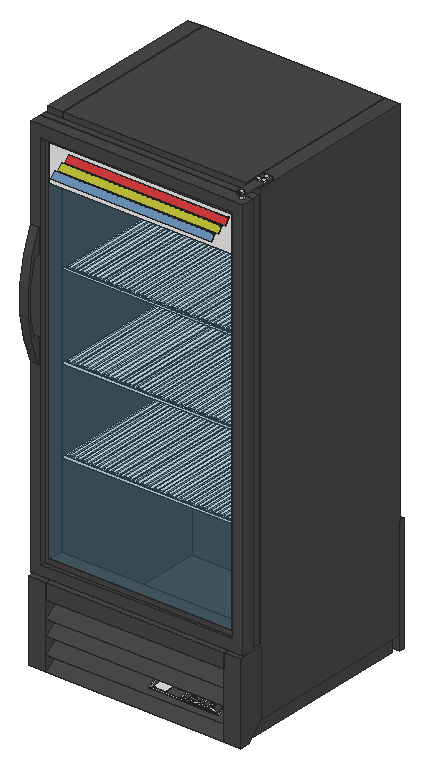
Revit family "QF_TRUE_GDM-10-58-HC~TSL01", category Specialty Equipment, Revit 2016
Family settings
  Part Type = Normal
  Round Connector Dimension = Use Diameter
  Work Plane-Based = No
  Always vertical = Yes
  Cut with Voids When Loaded = No
  Shared = No
  Room Calculation Point = No
Parameters
  Weight in Pounds = 210
  Watts = Volts * FL Amps  # 230 W
  Volts = 115 V
  URL Cutsheet = ""
  Specification by User = ""
  Specification by Manufacturer = ""
  Show Logo [instance] = yes
  Show Default Legs [instance] = not(Show 2.5 Inches Legs)  # yes
  Show Clearance [instance] = yes
  Show 2.5 Inches Legs [instance] = no
  Serial Number = ""
  Seismic Rating = ""
  SMACNA No = ""
  Revision Code = ""
  Phase = 1
  Number of Poles = 1
  NAFEM Spec ID Number = ""
  Model = "GDM-10-58-HC~TSL01"
  Min Ckt Ampacity = 0 A
  Max Overcurrent Protection = 0 A
  Materials and Finishes [instance] = QF_Plastic - Black - Smooth
  Masterspec = ""
  Manufacturer = "TRUE"
  Length = 24 13/16"
  Item Number = ""
  Installed By = ""
  Identify Quantity as Lot = yes
  Height [instance] = Body Height + Base Height  # 57 31/32"
  HP = "1/6"
  Furnished By = ""
  Foodservice Equipment Identifier = yes
  FL Amps = 2 A
  Electrical Remarks = ""
  Electric Connection Type = ""
  Elec Conn RI Height = 0"
  Elec Conn Connection Height = 0"
  Description = "SWING DOOR REFRIGERATOR WITH HYDROCARBON REFRIGERANT-TRUE STANDARD LOOK VERSION 01"
  Depth = 25 1/32"
  Cycle = 60 Hz
  Conn Plug = "NEMA 5-15P"
  Conn Conduit = yes
  CSI MasterFormat = ""
  Body Height [instance] = 57 25/32"  # constant formula
  Base Height [instance] = if(Show 2.5 Inches Legs, 2 1/2", 3/16")  # 3/16"
  Apparent Power = 0 VA
Reference planes (in)
  plane 1 "BACK": y = 0
  plane 2: z = 0
  plane 3 "LEFT": x = 0
  plane 4 "RIGHT": x = 24.8125
  plane 5 "FRONT": y = -25.03125
  plane 6 "TOP": z = 57.96875
  plane 7 "Center Y": x = 12.40625
  plane 8 "Center X": y = -12.51562
  plane 9: y = -0.53125
  plane 10: y = -23.40625
  plane 11: y = -25.09375
  plane 12: y = -46.625
  plane 13: z = 0.1875
Forms (in)
  Revolve 1, solid, material "QF_Plastic - Black - Smooth", visible <- "Show 2.5 Inches Legs"
    sketch origin (0, -1.625, 0) x (1, 0, 0) y (0, 0, 1)
      loop
        line (2, 0) -> (2, 2.5) -> (1.48188, 2.5) -> (1.48188, 0.1875) -> (1.22535, 0.1875) -> (1.22535, 0) -> (2, 0)
      axis (2, 0) -> (2, 2.5)
    angle from 0 to 360
  Revolve 2, solid, material "QF_Plastic - Black - Smooth", visible <- "Show 2.5 Inches Legs"
    sketch origin (20.8125, -1.625, 0) x (1, 0, 0) y (0, 0, 1)
      loop
        line (2, 0) -> (2, 2.5) -> (1.48188, 2.5) -> (1.48188, 0.1875) -> (1.22535, 0.1875) -> (1.22535, 0) -> (2, 0)
      axis (2, 0) -> (2, 2.5)
    angle from 0 to 360
  Revolve 3, solid, material "QF_Plastic - Black - Smooth", visible <- "Show 2.5 Inches Legs"
    sketch origin (0, -21.375, 0) x (1, 0, 0) y (0, 0, 1)
      loop
        line (2, 0) -> (2, 2.5) -> (1.48188, 2.5) -> (1.48188, 0.1875) -> (1.22535, 0.1875) -> (1.22535, 0) -> (2, 0)
      axis (2, 0) -> (2, 2.5)
    angle from 0 to 360
  Revolve 4, solid, material "QF_Plastic - Black - Smooth", visible <- "Show 2.5 Inches Legs"
    sketch origin (20.8125, -21.375, 0) x (1, 0, 0) y (0, 0, 1)
      loop
        line (2, 0) -> (2, 2.5) -> (1.48188, 2.5) -> (1.48188, 0.1875) -> (1.22535, 0.1875) -> (1.22535, 0) -> (2, 0)
      axis (2, 0) -> (2, 2.5)
    angle from 0 to 360
  Revolve 5, solid, material "QF_Plastic - Black - Smooth", visible <- "Show 2.5 Inches Legs", not visible
    sketch origin (0, -1.625, 0) x (1, 0, 0) y (0, 0, 1)
      loop
        line (2, 0) -> (2, 2.5) -> (1.48188, 2.5) -> (1.48188, 0.1875) -> (1.22535, 0.1875) -> (1.22535, 0) -> (2, 0)
      axis (2, 0) -> (2, 2.5)
    angle from 0 to 360
  Revolve 6, solid, material "QF_Plastic - Black - Smooth", visible <- "Show 2.5 Inches Legs", not visible
    sketch origin (20.8125, -1.625, 0) x (1, 0, 0) y (0, 0, 1)
      loop
        line (2, 0) -> (2, 2.5) -> (1.48188, 2.5) -> (1.48188, 0.1875) -> (1.22535, 0.1875) -> (1.22535, 0) -> (2, 0)
      axis (2, 0) -> (2, 2.5)
    angle from 0 to 360
  Revolve 7, solid, material "QF_Plastic - Black - Smooth", visible <- "Show 2.5 Inches Legs", not visible
    sketch origin (0, -21.375, 0) x (1, 0, 0) y (0, 0, 1)
      loop
        line (2, 0) -> (2, 2.5) -> (1.48188, 2.5) -> (1.48188, 0.1875) -> (1.22535, 0.1875) -> (1.22535, 0) -> (2, 0)
      axis (2, 0) -> (2, 2.5)
    angle from 0 to 360
  Revolve 8, solid, material "QF_Plastic - Black - Smooth", visible <- "Show 2.5 Inches Legs", not visible
    sketch origin (20.8125, -21.375, 0) x (1, 0, 0) y (0, 0, 1)
      loop
        line (2, 0) -> (2, 2.5) -> (1.48188, 2.5) -> (1.48188, 0.1875) -> (1.22535, 0.1875) -> (1.22535, 0) -> (2, 0)
      axis (2, 0) -> (2, 2.5)
    angle from 0 to 360
Dimensions and locks (in)
  equal spacing: plane 3 "LEFT", plane 7 "Center Y", plane 4 "RIGHT"
  "Length": plane 3 "LEFT" to plane 4 "RIGHT"
  equal spacing: plane 5 "FRONT", plane 8 "Center X", plane 1 "BACK"
  "Depth": plane 5 "FRONT" to plane 1 "BACK"
  "Body Height": plane 6 "TOP" to plane 13
  plane 4 "RIGHT" to plane 3 "LEFT" = 24 13/16"
  plane 9 to plane 1 "BACK" = 17/32"
  plane 10 to plane 9 = 22 7/8"
  plane 5 "FRONT" to plane 10 = 1 5/8"
  plane 5 "FRONT" to plane 1 "BACK" = 25 1/32"
  plane 12 to plane 1 "BACK" = 46 5/8"
  "Base Height": plane 13 to level
  aligned and locked: level to plane 2
  aligned and locked: nested 1 to plane 13
Automatic sketch dimensions
  Revolve 1 sketch curve to Revolve 1 sketch curve = 0.51812"
  Revolve 1 sketch curve to Revolve 1 sketch curve = 0"  (x2)
  Revolve 1 sketch curve to Revolve 1 sketch curve = 1.02446"
  Revolve 2 sketch curve to Revolve 2 sketch curve = 0.25653"
  Revolve 2 sketch curve to Revolve 2 sketch curve = 0.51812"
  Revolve 2 sketch curve to Revolve 2 sketch curve = 0"  (x2)
  Revolve 2 sketch curve to Revolve 2 sketch curve = 1.02446"
  Revolve 3 sketch curve to Revolve 3 sketch curve = 0.51812"
  Revolve 3 sketch curve to Revolve 3 sketch curve = 0"  (x2)
  Revolve 3 sketch curve to Revolve 3 sketch curve = 1.02446"
  Revolve 4 sketch curve to Revolve 4 sketch curve = 0.25653"
  Revolve 4 sketch curve to Revolve 4 sketch curve = 0.51812"
  Revolve 4 sketch curve to Revolve 4 sketch curve = 0"  (x2)
  Revolve 4 sketch curve to Revolve 4 sketch curve = 1.02446"
  Revolve 1 sketch curve to Revolve 1 sketch curve = 0.25653"
  Revolve 1 sketch curve to Revolve 1 sketch curve = 3/16"
  Revolve 1 sketch curve to Revolve 1 sketch curve = 2 5/16"
  Revolve 2 sketch curve to Revolve 2 sketch curve = 3/16"
  Revolve 2 sketch curve to Revolve 2 sketch curve = 2 5/16"
  Revolve 3 sketch curve to Revolve 3 sketch curve = 0.25653"
  Revolve 3 sketch curve to Revolve 3 sketch curve = 3/16"
  Revolve 3 sketch curve to Revolve 3 sketch curve = 2 5/16"
  Revolve 4 sketch curve to Revolve 4 sketch curve = 3/16"
  Revolve 4 sketch curve to Revolve 4 sketch curve = 2 5/16"
  Revolve 5 sketch curve to Revolve 5 sketch curve = 0.51812"
  Revolve 5 sketch curve to Revolve 5 sketch curve = 0"  (x2)
  Revolve 5 sketch curve to Revolve 5 sketch curve = 1.02446"
  Revolve 6 sketch curve to Revolve 6 sketch curve = 0.25653"
  Revolve 6 sketch curve to Revolve 6 sketch curve = 0.51812"
  Revolve 6 sketch curve to Revolve 6 sketch curve = 0"  (x2)
  Revolve 6 sketch curve to Revolve 6 sketch curve = 1.02446"
  Revolve 7 sketch curve to Revolve 7 sketch curve = 0.51812"
  Revolve 7 sketch curve to Revolve 7 sketch curve = 0"  (x2)
  Revolve 7 sketch curve to Revolve 7 sketch curve = 1.02446"
  Revolve 8 sketch curve to Revolve 8 sketch curve = 0.25653"
  Revolve 8 sketch curve to Revolve 8 sketch curve = 0.51812"
  Revolve 8 sketch curve to Revolve 8 sketch curve = 0"  (x2)
  Revolve 8 sketch curve to Revolve 8 sketch curve = 1.02446"
  Revolve 5 sketch curve to Revolve 5 sketch curve = 0.25653"
  Revolve 5 sketch curve to Revolve 5 sketch curve = 3/16"
  Revolve 5 sketch curve to Revolve 5 sketch curve = 2 5/16"
  Revolve 6 sketch curve to Revolve 6 sketch curve = 3/16"
  Revolve 6 sketch curve to Revolve 6 sketch curve = 2 5/16"
  Revolve 7 sketch curve to Revolve 7 sketch curve = 0.25653"
  Revolve 7 sketch curve to Revolve 7 sketch curve = 3/16"
  Revolve 7 sketch curve to Revolve 7 sketch curve = 2 5/16"
  Revolve 8 sketch curve to Revolve 8 sketch curve = 3/16"
  Revolve 8 sketch curve to Revolve 8 sketch curve = 2 5/16"
Nested families (in)
  nested 1: "GDM-10-58-HC-TSL01" at (0, 0, 0), Show Clearance <- "Show Clearance", Show Default Legs <- "Show Default Legs", Show Logo <- "Show Logo", type "GDM-10-58-HC-TSL01"
    with Show Logo yes, Show Default Legs yes, Show Clearance yes
Connectors (in)
  electrical at (12.40625, 0.125, 7.53125), driven by "Volts", driven by "Watts"
    settings: on nested 1, index 1, voltage 115 V, apparent load 230 VA, apparent load phase1 0 VA, apparent load phase2 0 VA, apparent load phase3 0 VA, power factor 1, load classification "Other", number of poles 1, system type 30, power factor state 1, is connector primary yes, connector utility no, sub classification motor no, connector description "ELECTRICAL CONNECTION"
Definition of nested family "GDM-10-58-HC-TSL01"
  Parameters (values of type "GDM-10-58-HC-TSL01")
    Weight in Pounds = 0
    Watts = 0 W
    Volts = 0 V
    URL Cutsheet = ""
    Specification by User = ""
    Specification by Manufacturer = ""
    Show Logo [instance] = yes
    Show Default Legs [instance] = yes
    Show Clearance [instance] = yes
    Serial Number = ""
    Seismic Rating = ""
    SMACNA No = ""
    Revision Code = ""
    Phase = 0
    Number of Poles = 1
    NAFEM Spec ID Number = ""
    Model = ""
    Min Ckt Ampacity = 0 A
    Max Overcurrent Protection = 0 A
    Materials and Finishes = none
    Masterspec = ""
    Manufacturer = ""
    Length = 24 13/16"
    Item Number = ""
    Installed By = ""
    Identify Quantity as Lot = yes
    Height = 57 31/32"
    HP = ""
    Furnished By = ""
    Foodservice Equipment Identifier = yes
    FL Amps = 0 A
    Electrical Remarks = ""
    Electric Connection Type = ""
    Elec Conn RI Height = 0"
    Elec Conn Connection Height = 0"
    Description = ""
    Depth = 25 1/32"
    Cycle = 0 Hz
    Conn Plug = ""
    Conn Conduit = yes
    CSI MasterFormat = ""
    Apparent Power = 0 VA
  Reference planes (in)
    plane 1 "BACK": y = 0
    plane 2: z = 0
    plane 3 "LEFT": x = 0
    plane 4 "RIGHT": x = 24.8125
    plane 5 "FRONT": y = -25.03125
    plane 6 "TOP": z = 57.96875
    plane 7 "Center Y": x = 12.40625
    plane 8 "Center X": y = -12.51562
    plane 9: y = -0.53125
    plane 10: y = -23.40625
    plane 11: y = -25.09375
    plane 12: z = 10.5
    plane 13: z = 2.375
    plane 14: z = 10.5
    plane 15: y = -46.625
    plane 16: y = -46.625
    plane 17: z = 0.1875
  Forms (in)
    Extrusion 1, solid
      sketch origin (0.03125, -23.4375, 65.50979) x (0, 0, 1) y (1, 0, 0)
        loop
          line (-9.37609, 1.21875) -> (-9.37609, 23.53125) -> (-54.00979, 23.53125) -> (-54.00979, 1.21875) -> (-9.37609, 1.21875)
        loop
          line (-9.87609, 1.71875) -> (-9.87609, 23.03125) -> (-53.50979, 23.03125) -> (-53.50979, 1.71875) -> (-9.87609, 1.71875)
      from 2.25251 to 0.5
    Extrusion 2, solid, material <- "Materials and Finishes"
      sketch origin (0.03125, -23.4375, 65.50979) x (0, 0, 1) y (1, 0, 0)
        loop
          line (-55.25979, -0.03125) -> (-8.12609, -0.03125) -> (-8.12609, 24.78125) -> (-55.25979, 24.78125) -> (-55.25979, -0.03125)
        loop
          line (-9.37609, 23.53125) -> (-54.00979, 23.53125) -> (-54.00979, 1.21875) -> (-9.37609, 1.21875) -> (-9.37609, 23.53125)
      from 1.50251 to 0.03125
    Extrusion 3, solid
      sketch origin (0.03125, -23.4375, 65.50979) x (0, 0, 1) y (1, 0, 0)
        loop
          line (-9.37609, 1.21875) -> (-9.37609, 23.53125) -> (-54.00979, 23.53125) -> (-54.00979, 1.21875) -> (-9.37609, 1.21875)
        loop
          line (-9.12609, 0.96875) -> (-9.12609, 23.78125) -> (-54.25979, 23.78125) -> (-54.25979, 0.96875) -> (-9.12609, 0.96875)
      from 2.25251 to 2.5625
    Extrusion 4, solid, material <- "Materials and Finishes"
      sketch origin (0.03125, 2.9375, 12.89062) x (0, 1, 0) y (0, 0, 1)
        loop
          line (-3.46875, 43.99307) -> (-5.125, 43.99307) -> (-5.125, -9.51562) -> (-23.8125, -9.51562) -> (-23.8125, -10.51562) -> (-3.46875, -10.51562) -> (-3.46875, 43.99307)
      from 1.75 to 23
    Extrusion 5, solid, material <- "Materials and Finishes"
      sketch origin (0.03125, 2.9375, 12.89062) x (0, -1, 0) y (0, 0, 1)
        loop
          line (3.46875, 44.99307) -> (3.46875, -10.51562) -> (23.8125, -10.51562) -> (23.8125, 44.99307) -> (3.46875, 44.99307)
      from 0.03125 to -1.75
    Extrusion 6, solid, material <- "Materials and Finishes"
      sketch origin (0, -0.0625, -1.8125) x (0, 1, 0) y (0, 0, 1)
        loop
          line (-0.46875, 2.5) -> (0.0625, 2.5) -> (0.0625, 16.1875) -> (-0.46875, 16.1875) -> (-0.46875, 2.5)
      from 0 to 24.8125
    Extrusion 7, solid, material <- "Materials and Finishes"
      sketch origin (0, 0.46875, 0.375) x (0, 1, 0) y (0, 0, 1)
        loop
          line (-21.34375, 9.625) -> (-24.20354, 9.625) -> (-24.20354, 0.3125) -> (-23.03125, 0.3125) -> (-21.34375, 2) -> (-21.34375, 9.625)
      from 0 to 2
    Extrusion 8, solid
      sketch origin (0, 0.46875, 0.375) x (0, 1, 0) y (0, 0, 1)
        loop
          line (-23.03125, 0.3125) -> (-23.03125, -0.1875) -> (-1, -0.1875) -> (-1, 2) -> (-21.34375, 2) -> (-23.03125, 0.3125)
      from 0.98361 to 23.82889
    Extrusion 9, solid, material <- "Materials and Finishes"
      sketch origin (2, 0.46875, 0.375) x (0, 1, 0) y (0, 0, 1)
        loop
          line (-24.20354, 9.625) -> (-24.20354, 7.875) -> (-21.40384, 7.875) -> (-24.20354, 5.88192) -> (-23.74627, 5.88192) -> (-21.34375, 7.61566) -> (-21.34375, 9.625) -> (-24.20354, 9.625)
        loop
          line (-21.34375, 6.04694) -> (-24.20354, 4.01463) -> (-23.74627, 4.01463) -> (-21.34375, 5.74837) -> (-21.34375, 6.04694)
        loop
          line (-21.34375, 3.88108) -> (-21.34375, 4.17966) -> (-24.20354, 2.11927) -> (-23.78927, 2.11927) -> (-21.34375, 3.88108)
        loop
          line (-21.34375, 2.37289) -> (-24.20354, 0.3125) -> (-23.03125, 0.3125) -> (-21.34375, 2) -> (-21.34375, 2.37289)
      from 0 to 20.8125
    Extrusion 10, solid
      sketch origin (0.03125, -22.9375, 65.50979) x (0, 0, -1) y (1, 0, 0)
        loop
          line (14.12609, 1.71875) -> (53.50979, 1.71875) -> (53.50979, 23.03125) -> (14.12609, 23.03125) -> (14.12609, 1.71875)
      from 0 to -0.125
    Extrusion 11, solid, visible <- "Show Clearance", detail levels coarse
      sketch origin (23.15625, -23.4375, 10.5) x (0, -1, 0) y (-1, 0, 0)
        loop
          line (-0.03125, -1.65625) -> (23.1875, -1.65625)
          arc (23.1875, -1.65625) -> (16.70099, 15.54381) -> (-0.03125, 23.15625) r 24.08186
          line (-0.03125, 23.15625) -> (-0.03125, -1.65625)
      from 0.25 to -46.88369
    Extrusion 12, solid, material <- "Materials and Finishes"
      sketch origin (20.40625, -69.74366, 57.88369) x (0, 1, 0) y (-1, 0, 0)
        loop
          line (69.21241, -2.625) -> (69.21241, 18.625) -> (48.86866, 18.625) -> (48.86866, -2.625) -> (69.21241, -2.625)
      from 0 to -1
    Extrusion 13, solid, material <- "Materials and Finishes"
      sketch origin (4.31688, 2.875, 22.39931) x (1, 0, 0) y (0, 1, 0)
        loop
          arc (19.40165, -21.39984) -> (19.03744, -21.55726) -> (18.90258, -21.93042) r 0.5
          line (18.90258, -21.93042) -> (19.11273, -25.35979)
          arc (19.11273, -25.35979) -> (19.6118, -25.82921) -> (20.11086, -25.35979) r 0.5
          line (20.11086, -25.35979) -> (20.32101, -21.93042)
          arc (20.32101, -21.93042) -> (20.18615, -21.55726) -> (19.82195, -21.39984) r 0.5
          line (19.82195, -21.39984) -> (19.40165, -21.39984)
      from 35.48438 to 35.56944
    Extrusion 14, solid
      sketch origin (4.30731, 2.875, 22.39931) x (1, 0, 0) y (0, 1, 0)
        loop
          circle (19.6118, -21.78078) r 0.25
        loop
          circle (19.30218, -22.51019) r 0.25
        loop
          circle (19.92141, -22.51019) r 0.25
      from 35.48438 to 35.64063
    Extrusion 15, solid, material <- "Materials and Finishes"
      sketch origin (24.78125, 2.9375, 12.89062) x (0, -1, 0) y (0, 0, -1)
        loop
          line (3.46875, -44.99307) -> (23.8125, -44.99307) -> (23.8125, 10.51562) -> (3.46875, 10.51562) -> (3.46875, -44.99307)
      from 0.03125 to -1.75
    Extrusion 16, solid
      sketch origin (0.03125, -21.96624, 65.50979) x (0, 0, 1) y (1, 0, 0)
        loop
          line (-55.00979, -0.03125) -> (-8.12609, -0.03125) -> (-8.12609, 24.78125) -> (-55.00979, 24.78125) -> (-55.00979, -0.03125)
        loop
          line (-9.37609, 23.53125) -> (-53.75979, 23.53125) -> (-53.75979, 1.21875) -> (-9.37609, 1.21875) -> (-9.37609, 23.53125)
      from 0.78125 to 0.03125
    Extrusion 17, solid, material <- "Materials and Finishes"
      sketch origin (24.8125, 0.46875, 0.375) x (0, 1, 0) y (0, 0, -1)
        loop
          line (-21.34375, -9.625) -> (-21.34375, -2) -> (-23.03125, -0.3125) -> (-24.20354, -0.3125) -> (-24.20354, -9.625) -> (-21.34375, -9.625)
      from 0 to 2
    Extrusion 18, solid
      sketch origin (0.35938, 0, 0) x (1, 0, 0) y (0, 1, 0)
        loop
          circle (23.55974, -22.48479) r 0.25
      from 10 to 58.03994
    Extrusion 19, solid
      sketch origin (0.75, -20.8125, -21.99131) x (-1, 0, 0) y (0, 0, 1)
        loop
          line (-1, 77.625) -> (-22.3125, 77.625) -> (-22.3125, 73.375) -> (-1, 73.375) -> (-1, 77.625)
      from -0.37249 to -2.125
    Extrusion 20, solid
      sketch origin (0.75, -22.9375, -20.74131) x (1, 0, 0) y (0, 0, 1)
        loop
          line (2.10165, 73.75) -> (20.84375, 73.75) -> (21.22761, 74.75) -> (2.48552, 74.75) -> (2.10165, 73.75)
      from 0 to 0.03125
    Extrusion 21, solid
      sketch origin (0.75, -22.9375, -21.74131) x (1, 0, 0) y (0, 0, 1)
        loop
          line (3.30123, 76.875) -> (2.91736, 75.875) -> (21.64348, 75.875) -> (22.02734, 76.875) -> (3.30123, 76.875)
      from 0 to 0.03125
    Extrusion 22, solid
      sketch origin (0.75, -22.9375, -19.74131) x (1, 0, 0) y (0, 0, 1)
        loop
          line (1.28594, 71.625) -> (20.02239, 71.625) -> (20.40625, 72.625) -> (1.66981, 72.625) -> (1.28594, 71.625)
      from 0 to 0.03125
    Revolve 23, solid, visible <- "Show Default Legs"
      sketch origin (2, 0.46875, 0) x (0, 1, 0) y (0, 0, 1)
        loop
          line (-21.84375, 0) -> (-21.84375, 0.1875) -> (-22.6184, 0.1875) -> (-22.6184, 0) -> (-21.84375, 0)
        axis (-21.84375, 0) -> (-21.84375, 0.1875)
      angle from 0 to 360
    Revolve 24, solid, visible <- "Show Default Legs"
      sketch origin (2, 20.21875, 0) x (0, 1, 0) y (0, 0, 1)
        loop
          line (-21.84375, 0) -> (-21.84375, 0.1875) -> (-22.6184, 0.1875) -> (-22.6184, 0) -> (-21.84375, 0)
        axis (-21.84375, 0) -> (-21.84375, 0.1875)
      angle from 0 to 360
    Revolve 25, solid, visible <- "Show Default Legs"
      sketch origin (22.8125, 0.46875, 0) x (0, 1, 0) y (0, 0, -1)
        loop
          line (-21.84375, 0) -> (-22.6184, 0) -> (-22.6184, -0.1875) -> (-21.84375, -0.1875) -> (-21.84375, 0)
        axis (-21.84375, 0) -> (-21.84375, -0.1875)
      angle from 0 to 360
    Revolve 26, solid, visible <- "Show Default Legs"
      sketch origin (22.8125, 20.21875, 0) x (0, 1, 0) y (0, 0, -1)
        loop
          line (-21.84375, 0) -> (-22.6184, 0) -> (-22.6184, -0.1875) -> (-21.84375, -0.1875) -> (-21.84375, 0)
        axis (-21.84375, 0) -> (-21.84375, -0.1875)
      angle from 0 to 360
    Extrusion 27, solid, not visible
      sketch origin (-6.9261, -177.0625, 34.29306) x (-1, 0, 0) y (0, -1, 0)
        loop
          line (-8.70735, -174.875) -> (-8.70735, -156.1875) -> (-29.95735, -156.1875) -> (-29.95735, -174.875) -> (-8.70735, -174.875)
        loop
          line (-8.95735, -174.625) -> (-8.95735, -156.375) -> (-29.70735, -156.375) -> (-29.70735, -174.625) -> (-8.95735, -174.625)
      from 0 to 0.25
    Extrusion 28, solid, not visible
      sketch origin (0.23437, 2.9375, 7.80869) x (1, 0, 0) y (0, 0, 1)
        loop
          circle (10.17187, 26.73438) r 0.125
        loop
          circle (9.67187, 26.73438) r 0.125
        loop
          circle (9.17187, 26.73438) r 0.125
        loop
          circle (8.67187, 26.73438) r 0.125
        loop
          circle (8.17187, 26.73438) r 0.125
        loop
          circle (7.67187, 26.73438) r 0.125
        loop
          circle (7.17187, 26.73438) r 0.125
        loop
          circle (6.67187, 26.73438) r 0.125
        loop
          circle (6.17187, 26.73438) r 0.125
        loop
          circle (5.67187, 26.73438) r 0.125
        loop
          circle (5.17187, 26.73438) r 0.125
        loop
          circle (4.67187, 26.73438) r 0.125
        loop
          circle (4.17187, 26.73438) r 0.125
        loop
          circle (3.67187, 26.73438) r 0.125
        loop
          circle (3.17187, 26.73438) r 0.125
        loop
          circle (2.67187, 26.73438) r 0.125
        loop
          circle (2.17187, 26.73438) r 0.125
        loop
          circle (10.67187, 26.73438) r 0.125
        loop
          circle (11.17187, 26.73438) r 0.125
        loop
          circle (11.67187, 26.73438) r 0.125
        loop
          circle (12.17188, 26.73438) r 0.125
        loop
          circle (14.17188, 26.73438) r 0.125
        loop
          circle (14.67188, 26.73438) r 0.125
        loop
          circle (15.17188, 26.73438) r 0.125
        loop
          circle (15.67188, 26.73438) r 0.125
        loop
          circle (16.17188, 26.73438) r 0.125
        loop
          circle (16.67188, 26.73438) r 0.125
        loop
          circle (17.17188, 26.73438) r 0.125
        loop
          circle (17.67188, 26.73438) r 0.125
        loop
          circle (18.17188, 26.73438) r 0.125
        loop
          circle (18.67188, 26.73438) r 0.125
        loop
          circle (19.17188, 26.73438) r 0.125
        loop
          circle (19.67188, 26.73438) r 0.125
        loop
          circle (20.17188, 26.73438) r 0.125
        loop
          circle (20.67188, 26.73438) r 0.125
        loop
          circle (21.17188, 26.73438) r 0.125
        loop
          circle (21.67188, 26.73438) r 0.125
        loop
          circle (22.17188, 26.73438) r 0.125
        loop
          circle (13.67188, 26.73438) r 0.125
        loop
          circle (13.17188, 26.73438) r 0.125
        loop
          circle (12.67188, 26.73438) r 0.125
      from 5.125 to 23.625
    Extrusion 29, solid
      sketch origin (-6.9261, -177.0625, 31.567) x (-1, 0, 0) y (0, -1, 0)
        loop
          line (-8.70735, -174.875) -> (-8.70735, -156.1875) -> (-29.95735, -156.1875) -> (-29.95735, -174.875) -> (-8.70735, -174.875)
        loop
          line (-8.95735, -174.625) -> (-8.95735, -156.375) -> (-29.70735, -156.375) -> (-29.70735, -174.625) -> (-8.95735, -174.625)
      from 0 to 0.25
    Extrusion 30, solid
      sketch origin (0.23437, 2.9375, 5.08262) x (1, 0, 0) y (0, 0, 1)
        loop
          circle (10.17187, 26.73438) r 0.125
        loop
          circle (9.67187, 26.73438) r 0.125
        loop
          circle (9.17187, 26.73438) r 0.125
        loop
          circle (8.67187, 26.73438) r 0.125
        loop
          circle (8.17187, 26.73438) r 0.125
        loop
          circle (7.67187, 26.73438) r 0.125
        loop
          circle (7.17187, 26.73438) r 0.125
        loop
          circle (6.67187, 26.73438) r 0.125
        loop
          circle (6.17187, 26.73438) r 0.125
        loop
          circle (5.67187, 26.73438) r 0.125
        loop
          circle (5.17187, 26.73438) r 0.125
        loop
          circle (4.67187, 26.73438) r 0.125
        loop
          circle (4.17187, 26.73438) r 0.125
        loop
          circle (3.67187, 26.73438) r 0.125
        loop
          circle (3.17187, 26.73438) r 0.125
        loop
          circle (2.67187, 26.73438) r 0.125
        loop
          circle (2.17187, 26.73438) r 0.125
        loop
          circle (10.67187, 26.73438) r 0.125
        loop
          circle (11.17187, 26.73438) r 0.125
        loop
          circle (11.67187, 26.73438) r 0.125
        loop
          circle (12.17188, 26.73438) r 0.125
        loop
          circle (14.17188, 26.73438) r 0.125
        loop
          circle (14.67188, 26.73438) r 0.125
        loop
          circle (15.17188, 26.73438) r 0.125
        loop
          circle (15.67188, 26.73438) r 0.125
        loop
          circle (16.17188, 26.73438) r 0.125
        loop
          circle (16.67188, 26.73438) r 0.125
        loop
          circle (17.17188, 26.73438) r 0.125
        loop
          circle (17.67188, 26.73438) r 0.125
        loop
          circle (18.17188, 26.73438) r 0.125
        loop
          circle (18.67188, 26.73438) r 0.125
        loop
          circle (19.17188, 26.73438) r 0.125
        loop
          circle (19.67188, 26.73438) r 0.125
        loop
          circle (20.17188, 26.73438) r 0.125
        loop
          circle (20.67188, 26.73438) r 0.125
        loop
          circle (21.17188, 26.73438) r 0.125
        loop
          circle (21.67188, 26.73438) r 0.125
        loop
          circle (22.17188, 26.73438) r 0.125
        loop
          circle (13.67188, 26.73438) r 0.125
        loop
          circle (13.17188, 26.73438) r 0.125
        loop
          circle (12.67188, 26.73438) r 0.125
      from 5.125 to 23.625
    Extrusion 31, solid
      sketch origin (-6.9261, -177.0625, 41.413) x (-1, 0, 0) y (0, -1, 0)
        loop
          line (-8.70735, -174.875) -> (-8.70735, -156.1875) -> (-29.95735, -156.1875) -> (-29.95735, -174.875) -> (-8.70735, -174.875)
        loop
          line (-8.95735, -174.625) -> (-8.95735, -156.375) -> (-29.70735, -156.375) -> (-29.70735, -174.625) -> (-8.95735, -174.625)
      from 0 to 0.25
    Extrusion 32, solid
      sketch origin (0.23437, 2.9375, 14.92862) x (1, 0, 0) y (0, 0, 1)
        loop
          circle (10.17187, 26.73438) r 0.125
        loop
          circle (9.67187, 26.73438) r 0.125
        loop
          circle (9.17187, 26.73438) r 0.125
        loop
          circle (8.67187, 26.73438) r 0.125
        loop
          circle (8.17187, 26.73438) r 0.125
        loop
          circle (7.67187, 26.73438) r 0.125
        loop
          circle (7.17187, 26.73438) r 0.125
        loop
          circle (6.67187, 26.73438) r 0.125
        loop
          circle (6.17187, 26.73438) r 0.125
        loop
          circle (5.67187, 26.73438) r 0.125
        loop
          circle (5.17187, 26.73438) r 0.125
        loop
          circle (4.67187, 26.73438) r 0.125
        loop
          circle (4.17187, 26.73438) r 0.125
        loop
          circle (3.67187, 26.73438) r 0.125
        loop
          circle (3.17187, 26.73438) r 0.125
        loop
          circle (2.67187, 26.73438) r 0.125
        loop
          circle (2.17187, 26.73438) r 0.125
        loop
          circle (10.67187, 26.73438) r 0.125
        loop
          circle (11.17187, 26.73438) r 0.125
        loop
          circle (11.67187, 26.73438) r 0.125
        loop
          circle (12.17188, 26.73438) r 0.125
        loop
          circle (14.17188, 26.73438) r 0.125
        loop
          circle (14.67188, 26.73438) r 0.125
        loop
          circle (15.17188, 26.73438) r 0.125
        loop
          circle (15.67188, 26.73438) r 0.125
        loop
          circle (16.17188, 26.73438) r 0.125
        loop
          circle (16.67188, 26.73438) r 0.125
        loop
          circle (17.17188, 26.73438) r 0.125
        loop
          circle (17.67188, 26.73438) r 0.125
        loop
          circle (18.17188, 26.73438) r 0.125
        loop
          circle (18.67188, 26.73438) r 0.125
        loop
          circle (19.17188, 26.73438) r 0.125
        loop
          circle (19.67188, 26.73438) r 0.125
        loop
          circle (20.17188, 26.73438) r 0.125
        loop
          circle (20.67188, 26.73438) r 0.125
        loop
          circle (21.17188, 26.73438) r 0.125
        loop
          circle (21.67188, 26.73438) r 0.125
        loop
          circle (22.17188, 26.73438) r 0.125
        loop
          circle (13.67188, 26.73438) r 0.125
        loop
          circle (13.17188, 26.73438) r 0.125
        loop
          circle (12.67188, 26.73438) r 0.125
      from 5.125 to 23.625
    Extrusion 33, solid
      sketch origin (-6.9261, -177.0625, 21.721) x (-1, 0, 0) y (0, -1, 0)
        loop
          line (-8.70735, -174.875) -> (-8.70735, -156.1875) -> (-29.95735, -156.1875) -> (-29.95735, -174.875) -> (-8.70735, -174.875)
        loop
          line (-8.95735, -174.625) -> (-8.95735, -156.375) -> (-29.70735, -156.375) -> (-29.70735, -174.625) -> (-8.95735, -174.625)
      from 0 to 0.25
    Extrusion 34, solid
      sketch origin (0.23437, 2.9375, -4.76338) x (1, 0, 0) y (0, 0, 1)
        loop
          circle (10.17187, 26.73438) r 0.125
        loop
          circle (9.67187, 26.73438) r 0.125
        loop
          circle (9.17187, 26.73438) r 0.125
        loop
          circle (8.67187, 26.73438) r 0.125
        loop
          circle (8.17187, 26.73438) r 0.125
        loop
          circle (7.67187, 26.73438) r 0.125
        loop
          circle (7.17187, 26.73438) r 0.125
        loop
          circle (6.67187, 26.73438) r 0.125
        loop
          circle (6.17187, 26.73438) r 0.125
        loop
          circle (5.67187, 26.73438) r 0.125
        loop
          circle (5.17187, 26.73438) r 0.125
        loop
          circle (4.67187, 26.73438) r 0.125
        loop
          circle (4.17187, 26.73438) r 0.125
        loop
          circle (3.67187, 26.73438) r 0.125
        loop
          circle (3.17187, 26.73438) r 0.125
        loop
          circle (2.67187, 26.73438) r 0.125
        loop
          circle (2.17187, 26.73438) r 0.125
        loop
          circle (10.67187, 26.73438) r 0.125
        loop
          circle (11.17187, 26.73438) r 0.125
        loop
          circle (11.67187, 26.73438) r 0.125
        loop
          circle (12.17188, 26.73438) r 0.125
        loop
          circle (14.17188, 26.73438) r 0.125
        loop
          circle (14.67188, 26.73438) r 0.125
        loop
          circle (15.17188, 26.73438) r 0.125
        loop
          circle (15.67188, 26.73438) r 0.125
        loop
          circle (16.17188, 26.73438) r 0.125
        loop
          circle (16.67188, 26.73438) r 0.125
        loop
          circle (17.17188, 26.73438) r 0.125
        loop
          circle (17.67188, 26.73438) r 0.125
        loop
          circle (18.17188, 26.73438) r 0.125
        loop
          circle (18.67188, 26.73438) r 0.125
        loop
          circle (19.17188, 26.73438) r 0.125
        loop
          circle (19.67188, 26.73438) r 0.125
        loop
          circle (20.17188, 26.73438) r 0.125
        loop
          circle (20.67188, 26.73438) r 0.125
        loop
          circle (21.17188, 26.73438) r 0.125
        loop
          circle (21.67188, 26.73438) r 0.125
        loop
          circle (22.17188, 26.73438) r 0.125
        loop
          circle (13.67188, 26.73438) r 0.125
        loop
          circle (13.17188, 26.73438) r 0.125
        loop
          circle (12.67188, 26.73438) r 0.125
      from 5.125 to 23.625
    Extrusion 35, solid, material <- "Materials and Finishes"
      sketch origin (-0.25, 2.875, 22.39062) x (0, 1, 0) y (0, 0, 1)
        loop
          arc (-26.28125, 24.2861) -> (-27.90626, 17.09363) -> (-26.28125, 9.90116) r 16.72986
          line (-26.28125, 9.90116) -> (-26.28125, 12.85144) -> (-27.1009, 12.85144)
          arc (-27.1009, 12.85144) -> (-27.65626, 17.09363) -> (-27.1009, 21.33582) r 16.47986
          line (-27.1009, 21.33582) -> (-26.28125, 21.33582) -> (-26.28125, 24.2861)
      from 0.25 to 1.25
    Extrusion 36, solid, material <- "Materials and Finishes"
      sketch origin (0, 0, 0) x (1, 0, 0) y (0, 0, 1)
        loop
          circle (12.40625, 7.53125) r 0.25
      from 0 to -0.125
  Cuts and joins
    joined: Extrusion 4, Extrusion 12
  Lines and regions (in)
    symbolic lines
      curve 1: line (0, 0, 0) -> (24.8125, 0, 0)
      curve 2: line (0, -25.03126, 0) -> (0, 0, 0)
      curve 3: line (24.8125, -23.40625, 0) -> (0, -23.40625, 0)
      curve 4: line (24.8125, 0, 0) -> (24.8125, -23.73479, 0)
      curve 5: line (24.8125, -21.93499, 0) -> (24.46144, -21.93499, 0)
      curve 6: line (24.8125, -21.18499, 0) -> (24.5074, -21.18499, 0)
      curve 7: line (0, -20.875, 0) -> (23.33097, -20.875, 0)
      curve 8: line (1.78125, -0.53125, 0) -> (1.78125, -20.875, 0)
      curve 9: line (23.03125, -20.875, 0) -> (23.03125, -0.53125, 0)
      curve 10: line (24.13883, -18.52484, 0) -> (23.71853, -18.52484, 0)
      curve 11: arc (23.71853, -18.52484, 0) -> (23.35432, -18.68226, 0) -> (23.21947, -19.05542, 0) r 0.5
      curve 12: line (23.21947, -19.05542, 0) -> (23.42962, -22.48479, 0)
      curve 13: arc (23.42962, -22.48479, 0) -> (23.92868, -22.95421, 0) -> (24.42775, -22.48479, 0) r 0.5
      curve 14: line (24.42775, -22.48479, 0) -> (24.6379, -19.05542, 0)
      curve 15: arc (24.6379, -19.05542, 0) -> (24.50304, -18.68226, 0) -> (24.13883, -18.52484, 0) r 0.5
      curve 16: arc (24.16911, -22.48479, 0) -> (23.91911, -22.23479, 0) -> (23.66911, -22.48479, 0) r 0.25
      curve 17: arc (23.66911, -22.48479, 0) -> (23.91911, -22.73479, 0) -> (24.16911, -22.48479, 0) r 0.25
      curve 18: arc (23.3595, -19.63519, 0) -> (23.6095, -19.88519, 0) -> (23.8595, -19.63519, 0) r 0.25
      curve 19: arc (23.8595, -19.63519, 0) -> (23.6095, -19.38519, 0) -> (23.3595, -19.63519, 0) r 0.25
      curve 20: arc (23.97873, -19.63519, 0) -> (24.22873, -19.88519, 0) -> (24.47873, -19.63519, 0) r 0.25
      curve 21: arc (24.47873, -19.63519, 0) -> (24.22873, -19.38519, 0) -> (23.97873, -19.63519, 0) r 0.25
      curve 22: arc (23.66911, -18.90578, 0) -> (23.91911, -19.15578, 0) -> (24.16911, -18.90578, 0) r 0.25
      curve 23: arc (24.16911, -18.90578, 0) -> (23.91911, -18.65578, 0) -> (23.66911, -18.90578, 0) r 0.25
      curve 24: line (24.52639, -20.875, 0) -> (24.8125, -20.875, 0)
      curve 25: line (23.34997, -21.18499, 0) -> (0, -21.18499, 0)
      curve 26: line (23.39593, -21.93499, 0) -> (0, -21.93499, 0)
      curve 27: line (24.8125, -23.40625, 0) -> (3.78864, -35.54438, 0)
      curve 28: arc (3.78864, -35.54438, 0) -> (1.07871, -29.72989, 0) -> (0, -23.40625, 0) r 24.08186
      curve 29: line (0, -25.03126, 0) -> (1, -25.03126, 0)
      curve 30: line (1, -25.03126, 0) -> (1, -23.40625, 0)
      curve 31: line (1, -23.73479, 0) -> (24.8125, -23.73479, 0)
      curve 32: line (0, -0.53125, 0) -> (24.8125, -0.53125, 0)
  Dimensions and locks (in)
    equal spacing: plane 3 "LEFT", plane 7 "Center Y", plane 4 "RIGHT"
    "Length": plane 3 "LEFT" to plane 4 "RIGHT"
    equal spacing: plane 5 "FRONT", plane 8 "Center X", plane 1 "BACK"
    "Depth": plane 5 "FRONT" to plane 1 "BACK"
    "Height": plane 6 "TOP" to level
    plane 4 "RIGHT" to plane 3 "LEFT" = 24 13/16"
    plane 9 to plane 1 "BACK" = 17/32"
    plane 10 to plane 9 = 22 7/8"
    plane 5 "FRONT" to plane 10 = 1 5/8"
    plane 5 "FRONT" to plane 1 "BACK" = 25 1/32"
    plane 1 "BACK" to plane 15 = 46 5/8"
    plane 16 to plane 1 "BACK" = 46 5/8"
    plane 17 to level = 3/16"
    equal spacing: Extrusion 6, Extrusion 36 sketch curve, Extrusion 7
    aligned and locked: level to plane 2
  Automatic sketch dimensions
    Extrusion 27 sketch curve to Extrusion 27 sketch curve = 20 3/4"
    Extrusion 27 sketch curve to Extrusion 27 sketch curve = 1/4"  (x3)
    Extrusion 27 sketch curve to Extrusion 27 sketch curve = 18 1/4"
    Extrusion 27 sketch curve to Extrusion 27 sketch curve = 3/16"
    Extrusion 29 sketch curve to Extrusion 29 sketch curve = 20 3/4"
    Extrusion 29 sketch curve to Extrusion 29 sketch curve = 1/4"  (x3)
    Extrusion 29 sketch curve to Extrusion 29 sketch curve = 18 1/4"
    Extrusion 29 sketch curve to Extrusion 29 sketch curve = 3/16"
    Extrusion 30 sketch curve to Extrusion 30 sketch curve = 1/2"  (x40)
    Extrusion 30 sketch curve to Extrusion 30 sketch curve = 0"  (x40)
    Extrusion 31 sketch curve to Extrusion 31 sketch curve = 20 3/4"
    Extrusion 31 sketch curve to Extrusion 31 sketch curve = 1/4"  (x3)
    Extrusion 31 sketch curve to Extrusion 31 sketch curve = 18 1/4"
    Extrusion 31 sketch curve to Extrusion 31 sketch curve = 3/16"
    Extrusion 32 sketch curve to Extrusion 32 sketch curve = 1/2"  (x40)
    Extrusion 32 sketch curve to Extrusion 32 sketch curve = 0"  (x40)
    Extrusion 33 sketch curve to Extrusion 33 sketch curve = 20 3/4"
    Extrusion 33 sketch curve to Extrusion 33 sketch curve = 1/4"  (x3)
    Extrusion 33 sketch curve to Extrusion 33 sketch curve = 18 1/4"
    Extrusion 33 sketch curve to Extrusion 33 sketch curve = 3/16"
    Extrusion 34 sketch curve to Extrusion 34 sketch curve = 1/2"  (x40)
    Extrusion 34 sketch curve to Extrusion 34 sketch curve = 0"  (x40)
    plane 1 "BACK" to curve 1 = 0"
    curve 1 to plane 3 "LEFT" = 0"
    curve 8 to plane 9 = 0"
    curve 27 to plane 4 "RIGHT" = 0"
    plane 5 "FRONT" to curve 29 = 0"
    plane 3 "LEFT" to curve 27 = 3.78864"
    plane 4 "RIGHT" to curve 12 = 1.59303"
    plane 10 to curve 12 = 0.92146"
    plane 4 "RIGHT" to curve 12 = 1.38288"
    curve 12 to curve 19 = 0.39003"
    curve 11 to curve 10 = 0.49906"
    curve 12 to curve 17 = 0.48949"
    curve 11 to curve 22 = 0.20058"
    curve 17 to curve 13 = 0.00957"
    curve 16 to curve 28 = 0.14769"
    curve 11 to curve 10 = 0.4203"
    plane 4 "RIGHT" to curve 20 = 0.58377"
    curve 28 to curve 14 = 0.36094"
    plane 4 "RIGHT" to curve 14 = 0.1746"
    plane 5 "FRONT" to curve 27 = 10.51313"
    curve 4 to plane 10 = 0.32854"
    curve 28 to curve 17 = 0.06989"
    curve 17 to curve 13 = 0.03058"
    curve 13 to curve 20 = 2.81903"
    curve 18 to curve 20 = 0"
    curve 19 to curve 12 = 0.57977"
    curve 21 to curve 14 = 0.57977"
    curve 14 to curve 15 = 0.03058"
    curve 11 to curve 23 = 0.11906"
    plane 3 "LEFT" to curve 8 = 1 25/32"
    curve 9 to curve 18 = 0.57825"
    curve 9 to curve 7 = 0.29972"
    curve 7 to curve 25 = 0.019"
    curve 19 to curve 18 = 1/4"
    curve 26 to curve 13 = 0.03369"
    curve 22 to curve 11 = 0.04942"
    curve 12 to curve 17 = 0.23949"
    curve 19 to curve 20 = 0.11923"
    plane 4 "RIGHT" to curve 5 = 0.35106"
    curve 6 to curve 6 = 0.3051"
    curve 24 to curve 24 = 0.28611"
    plane 3 "LEFT" to Extrusion 1 sketch curve = 1 1/4"
    plane 17 to Extrusion 1 sketch curve = 11 5/16"
    Extrusion 1 sketch curve to Extrusion 1 sketch curve = 1/2"  (x4)
    Extrusion 1 sketch curve to plane 6 "TOP" = 2.33506"
    plane 4 "RIGHT" to Extrusion 1 sketch curve = 1 3/4"
    Extrusion 2 sketch curve to plane 3 "LEFT" = 0"
    plane 4 "RIGHT" to Extrusion 2 sketch curve = 0"
    Extrusion 2 sketch curve to plane 12 = 1/4"
    plane 12 to Extrusion 2 sketch curve = 1"
    Extrusion 2 sketch curve to plane 6 "TOP" = 1.83506"
    Extrusion 2 sketch curve to plane 6 "TOP" = 0.58506"
    plane 3 "LEFT" to Extrusion 2 sketch curve = 1 1/4"
    plane 4 "RIGHT" to Extrusion 2 sketch curve = 1 1/4"
    plane 4 "RIGHT" to Extrusion 3 sketch curve = 1"
    plane 17 to Extrusion 3 sketch curve = 11 1/16"
    Extrusion 3 sketch curve to Extrusion 3 sketch curve = 1/4"  (x4)
    Extrusion 3 sketch curve to plane 6 "TOP" = 1.83506"
    plane 3 "LEFT" to Extrusion 3 sketch curve = 1 1/4"
    Extrusion 4 sketch curve to plane 13 = 0"
    Extrusion 4 sketch curve to plane 9 = 0"
    Extrusion 4 sketch curve to Extrusion 4 sketch curve = 1 21/32"
    plane 13 to Extrusion 4 sketch curve = 1"
    plane 10 to Extrusion 4 sketch curve = 2 17/32"
    Extrusion 4 sketch curve to plane 6 "TOP" = 1.08506"
    Extrusion 5 sketch curve to plane 9 = 0"
    plane 10 to Extrusion 5 sketch curve = 2 17/32"
    plane 17 to Extrusion 5 sketch curve = 2 3/16"
    Extrusion 5 sketch curve to plane 6 "TOP" = 0.08506"
    Extrusion 6 sketch curve to plane 9 = 0"
    Extrusion 6 sketch curve to plane 1 "BACK" = 0"
    plane 17 to Extrusion 6 sketch curve = 1/2"
    Extrusion 6 sketch curve to Extrusion 6 sketch curve = 13 11/16"
    Extrusion 7 sketch curve to plane 10 = 0.32854"
    plane 10 to Extrusion 7 sketch curve = 27/32"
    Extrusion 7 sketch curve to Extrusion 7 sketch curve = 1 11/16"
    plane 17 to Extrusion 7 sketch curve = 1/2"
    plane 17 to Extrusion 7 sketch curve = 2 3/16"
    Extrusion 7 sketch curve to Extrusion 7 sketch curve = 7 5/8"
    Extrusion 8 sketch curve to plane 17 = 0"
    Extrusion 8 sketch curve to plane 9 = 0"
    plane 10 to Extrusion 8 sketch curve = 2 17/32"
    plane 10 to Extrusion 8 sketch curve = 27/32"
    plane 17 to Extrusion 8 sketch curve = 1/2"
    plane 17 to Extrusion 8 sketch curve = 2 3/16"
    Extrusion 9 sketch curve to Extrusion 7 = 0"  (x11)
    Extrusion 7 to Extrusion 9 sketch curve = 0"  (x2)
    Extrusion 9 sketch curve to Extrusion 9 sketch curve = 0.41427"
    Extrusion 9 sketch curve to Extrusion 9 sketch curve = 0.45727"  (x2)
    Extrusion 9 sketch curve to Extrusion 7 = 0.06009"
    Extrusion 9 sketch curve to Extrusion 7 = 1.80677"
    Extrusion 9 sketch curve to Extrusion 9 sketch curve = 0.37289"
    Extrusion 9 sketch curve to Extrusion 9 sketch curve = 1.5082"
    Extrusion 9 sketch curve to Extrusion 9 sketch curve = 1.89536"
    Extrusion 9 sketch curve to Extrusion 9 sketch curve = 0.29857"  (x2)
    Extrusion 9 sketch curve to Extrusion 9 sketch curve = 1.56871"  (x2)
    Extrusion 9 sketch curve to Extrusion 9 sketch curve = 1.86729"
    Extrusion 9 sketch curve to Extrusion 9 sketch curve = 1 3/4"
    Extrusion 1 to Extrusion 10 sketch curve = 0"
    Extrusion 10 sketch curve to Extrusion 1 = 0"  (x2)
    Extrusion 1 to Extrusion 10 sketch curve = 4 1/4"
    Extrusion 11 sketch curve to plane 4 "RIGHT" = 0"
    Extrusion 11 sketch curve to plane 10 = 0"
    Extrusion 11 sketch curve to plane 15 = 0"
    Extrusion 11 sketch curve to plane 3 "LEFT" = 0"
    plane 4 "RIGHT" to Extrusion 11 sketch curve = 0.7457"
    Extrusion 12 sketch curve to plane 9 = 0"
    plane 10 to Extrusion 12 sketch curve = 2 17/32"
    plane 4 "RIGHT" to Extrusion 12 sketch curve = 1 25/32"
    plane 3 "LEFT" to Extrusion 12 sketch curve = 1 25/32"
    plane 4 "RIGHT" to Extrusion 13 sketch curve = 1.59303"
    plane 4 "RIGHT" to Extrusion 13 sketch curve = 1.38288"
    Extrusion 13 sketch curve to Extrusion 13 sketch curve = 0.49906"  (x2)
    Extrusion 13 sketch curve to Extrusion 13 sketch curve = 0.4203"
    plane 4 "RIGHT" to Extrusion 13 sketch curve = 0.38475"
    plane 4 "RIGHT" to Extrusion 13 sketch curve = 0.1746"
    plane 10 to Extrusion 13 sketch curve = 0.92146"
    Extrusion 13 sketch curve to Extrusion 13 sketch curve = 0.03058"  (x2)
    Extrusion 13 sketch curve to Extrusion 13 sketch curve = 3.42938"
    Extrusion 13 sketch curve to Extrusion 13 sketch curve = 0"
    plane 4 "RIGHT" to Extrusion 14 sketch curve = 1.203"
    Extrusion 14 sketch curve to Extrusion 14 sketch curve = 0.30962"
    plane 4 "RIGHT" to Extrusion 14 sketch curve = 0.58377"
    plane 10 to Extrusion 14 sketch curve = 3.77106"
    Extrusion 14 sketch curve to Extrusion 14 sketch curve = 0"
    Extrusion 14 sketch curve to Extrusion 14 sketch curve = 0.72941"
    Extrusion 15 sketch curve to plane 9 = 0"
    plane 10 to Extrusion 15 sketch curve = 2 17/32"
    Extrusion 15 sketch curve to plane 6 "TOP" = 0.08506"
    plane 17 to Extrusion 15 sketch curve = 2 3/16"
    Extrusion 16 sketch curve to plane 3 "LEFT" = 0"
    Extrusion 16 sketch curve to plane 14 = 0"
    plane 4 "RIGHT" to Extrusion 16 sketch curve = 0"
    plane 14 to Extrusion 16 sketch curve = 1 1/4"
    Extrusion 16 sketch curve to plane 6 "TOP" = 1.83506"
    Extrusion 16 sketch curve to plane 6 "TOP" = 0.58506"
    plane 3 "LEFT" to Extrusion 16 sketch curve = 1 1/4"
    plane 4 "RIGHT" to Extrusion 16 sketch curve = 1 1/4"
    Extrusion 17 sketch curve to plane 10 = 0.32854"
    plane 10 to Extrusion 17 sketch curve = 27/32"
    Extrusion 17 sketch curve to Extrusion 17 sketch curve = 1 11/16"
    plane 17 to Extrusion 17 sketch curve = 9 13/16"
    plane 17 to Extrusion 17 sketch curve = 2 3/16"
    plane 17 to Extrusion 17 sketch curve = 1/2"
    Extrusion 18 sketch curve to Extrusion 18 sketch curve = 0"  (x2)
    plane 4 "RIGHT" to Extrusion 18 sketch curve = 0.89339"
    plane 10 to Extrusion 18 sketch curve = 0.92146"
    Extrusion 18 sketch curve to Extrusion 18 sketch curve = 1/4"
    plane 4 "RIGHT" to Extrusion 19 sketch curve = 1 3/4"
    plane 3 "LEFT" to Extrusion 19 sketch curve = 1 3/4"
    Extrusion 19 sketch curve to plane 6 "TOP" = 6.58506"
    Extrusion 19 sketch curve to plane 6 "TOP" = 2.33506"
    Extrusion 20 sketch curve to Extrusion 19 = 1.10165"
    Extrusion 20 sketch curve to Extrusion 20 sketch curve = 0.38386"  (x2)
    Extrusion 20 sketch curve to Extrusion 19 = 1 15/32"
    Extrusion 20 sketch curve to Extrusion 19 = 1 5/8"
    Extrusion 20 sketch curve to Extrusion 20 sketch curve = 1"
    Extrusion 21 sketch curve to Extrusion 19 = 1.91736"
    Extrusion 21 sketch curve to Extrusion 19 = 1/2"
    Extrusion 21 sketch curve to Extrusion 21 sketch curve = 0.38386"
    Extrusion 21 sketch curve to Extrusion 19 = 0.66902"
    Extrusion 21 sketch curve to Extrusion 19 = 73/256"
    Extrusion 21 sketch curve to Extrusion 21 sketch curve = 1"
    Extrusion 22 sketch curve to Extrusion 19 = 0.28594"
    Extrusion 22 sketch curve to Extrusion 19 = 0.66981"
    Extrusion 22 sketch curve to Extrusion 19 = 1/2"
    Extrusion 22 sketch curve to Extrusion 19 = 2.29011"
    Extrusion 22 sketch curve to Extrusion 22 sketch curve = 0.38386"
    Extrusion 22 sketch curve to Extrusion 22 sketch curve = 1"
    Revolve 23 sketch curve to plane 17 = 0"
    Revolve 23 sketch curve to level = 0"  (x2)
    plane 10 to Revolve 23 sketch curve = 1.2566"
    Revolve 23 sketch curve to Revolve 23 sketch curve = 0.77465"
    Revolve 23 sketch curve to Revolve 23 sketch curve = 0"
    Revolve 23 sketch curve to Revolve 23 sketch curve = 0.38265"
    Revolve 24 sketch curve to plane 17 = 0"
    Revolve 24 sketch curve to level = 0"  (x2)
    Revolve 24 sketch curve to plane 9 = 1.8684"
    Revolve 24 sketch curve to Revolve 24 sketch curve = 0.77465"
    Revolve 24 sketch curve to Revolve 24 sketch curve = 0"
    Revolve 24 sketch curve to Revolve 24 sketch curve = 0.38265"
    Revolve 25 sketch curve to plane 17 = 0"
    Revolve 25 sketch curve to level = 0"  (x2)
    plane 10 to Revolve 25 sketch curve = 1.2566"
    Revolve 25 sketch curve to Revolve 25 sketch curve = 0.77465"
    Revolve 25 sketch curve to Revolve 25 sketch curve = 0"
    Revolve 25 sketch curve to Revolve 25 sketch curve = 0.38265"
    Revolve 26 sketch curve to plane 17 = 0"
    Revolve 26 sketch curve to level = 0"  (x2)
    Revolve 26 sketch curve to plane 9 = 1.8684"
    Revolve 26 sketch curve to Revolve 26 sketch curve = 0.77465"
    Revolve 26 sketch curve to Revolve 26 sketch curve = 0"
    Revolve 26 sketch curve to Revolve 26 sketch curve = 0.38265"
    Extrusion 35 sketch curve to Extrusion 35 sketch curve = 0"  (x2)
    Extrusion 35 sketch curve to plane 10 = 0"  (x2)
    Extrusion 35 sketch curve to plane 5 "FRONT" = 0.80535"  (x2)
    plane 8 "Center X" to Extrusion 35 sketch curve = 4.21423"
    Extrusion 35 sketch curve to plane 6 "TOP" = 25.67697"
    Extrusion 35 sketch curve to Extrusion 35 sketch curve = 2.95028"
    Extrusion 35 sketch curve to Extrusion 35 sketch curve = 4 31/128"
    curve 30 to plane 10 = 0"
    plane 3 "LEFT" to curve 30 = 1"
    Extrusion 36 sketch curve to plane 7 "Center Y" = 0"
    radius of Extrusion 30 sketch curve = 1/8"  (x41)
    radius of Extrusion 32 sketch curve = 1/8"  (x41)
    radius of Extrusion 34 sketch curve = 1/8"  (x41)
    radius of Extrusion 14 sketch curve = 1/4"  (x3)
    radius of Extrusion 36 sketch curve = 1/4"
  Nested families (in)
    nested 1: "QF_LOGO_TRUE" at (13.73437, -22.01905, 2.22774), Show Logo <- "Show Logo", type "QF_LOGO_TRUE", detail levels medium+fine
      with Show Logo yes
  Definition of nested family "QF_LOGO_TRUE"
    Parameters (values of type "QF_LOGO_TRUE")
      Show Logo [instance] = yes
    Reference planes (in)
      plane 1 "Center (Front/Back)": y = 0
      plane 2: z = 0
      plane 3 "Center (Left/Right)": x = 0
    Forms (in)
      Extrusion 1, solid, visible <- "Show Logo"
        sketch origin (-78.34647, -5.69797, -45.41461) x (1, 0, 0) y (0, 0.811961, 0.583711)
          loop
            line (81.15226, 31.65456) -> (81.07353, 31.48573) -> (82.12083, 31.48573)
            arc (82.12083, 31.48573) -> (82.14208, 31.44814) -> (82.12083, 31.41055) r 0.04386
            line (82.12083, 31.41055) -> (81.84767, 30.82478)
            arc (81.84767, 30.82478) -> (81.84531, 30.77052) -> (81.882, 30.73048) r 0.07096
            line (81.882, 30.73048) -> (82.55165, 30.73048)
            arc (82.55165, 30.73048) -> (82.63621, 30.75714) -> (82.69019, 30.82748) r 0.14742
            line (82.69019, 30.82748) -> (82.90515, 31.28847) -> (83.10265, 31.28847)
            arc (83.10265, 31.28847) -> (83.15447, 31.26942) -> (83.14697, 31.21472) r 0.04405
            line (83.14697, 31.21472) -> (82.9671, 30.82899)
            arc (82.9671, 30.82899) -> (82.9699, 30.76493) -> (83.02398, 30.73048) r 0.06943
            line (83.02398, 30.73048) -> (83.6124, 30.73048)
            arc (83.6124, 30.73048) -> (83.65748, 30.74689) -> (83.68147, 30.78844) r 0.07014
            arc (83.68147, 30.78844) -> (83.69845, 30.74745) -> (83.73943, 30.73048) r 0.05796
            line (83.73943, 30.73048) -> (84.112, 30.73048)
            arc (84.112, 30.73048) -> (84.15504, 30.74201) -> (84.18655, 30.77352) r 0.08608
            arc (84.18655, 30.77352) -> (84.20164, 30.7371) -> (84.23806, 30.72202) r 0.0515
            line (84.23806, 30.72202) -> (84.76757, 30.72202)
            arc (84.76757, 30.72202) -> (84.81086, 30.73995) -> (84.8288, 30.78324) r 0.06122
            arc (84.8288, 30.78324) -> (84.86848, 30.74355) -> (84.92269, 30.72903) r 0.10842
            line (84.92269, 30.72903) -> (85.91461, 30.72903) -> (86.02479, 30.91987) -> (85.0243, 30.91987)
            arc (85.0243, 30.91987) -> (84.99669, 30.93902) -> (84.99566, 30.97261) r 0.03732
            line (84.99566, 30.97261) -> (85.01297, 31.00972)
            arc (85.01297, 31.00972) -> (85.03954, 31.04453) -> (85.0813, 31.05774) r 0.07263
            line (85.0813, 31.05774) -> (85.40289, 31.05774)
            arc (85.40289, 31.05774) -> (85.4723, 31.07633) -> (85.52311, 31.12715) r 0.13882
            line (85.52311, 31.12715) -> (85.61625, 31.28847)
            arc (85.61625, 31.28847) -> (85.61625, 31.37458) -> (85.54168, 31.41763) r 0.08611
            line (85.54168, 31.41763) -> (85.20227, 31.41763)
            arc (85.20227, 31.41763) -> (85.11574, 31.40294) -> (85.05538, 31.33923) r 0.13863
            line (85.05538, 31.33923) -> (84.89409, 30.99333)
            arc (84.89409, 30.99333) -> (84.84649, 30.9313) -> (84.77191, 30.90778) r 0.13002
            line (84.77191, 30.90778) -> (84.41984, 30.90778)
            arc (84.41984, 30.90778) -> (84.3777, 30.95378) -> (84.38042, 31.0161) r 0.08151
            line (84.38042, 31.0161) -> (84.56766, 31.41763) -> (84.44849, 31.41763) -> (84.25012, 30.99222)
            arc (84.25012, 30.99222) -> (84.21158, 30.94199) -> (84.15119, 30.92296) r 0.10527
            line (84.15119, 30.92296) -> (83.90842, 30.92296)
            arc (83.90842, 30.92296) -> (83.8674, 30.97642) -> (83.87619, 31.04323) r 0.08805
            line (83.87619, 31.04323) -> (84.05078, 31.41763) -> (83.92772, 31.41763) -> (83.72676, 30.98668)
            arc (83.72676, 30.98668) -> (83.68011, 30.94003) -> (83.61639, 30.92296) r 0.12745
            line (83.61639, 30.92296) -> (83.26484, 30.92296)
            arc (83.26484, 30.92296) -> (83.2017, 30.9524) -> (83.19563, 31.0218) r 0.06967
            line (83.19563, 31.0218) -> (83.31118, 31.26961) -> (83.47452, 31.26961)
            arc (83.47452, 31.26961) -> (83.50209, 31.35268) -> (83.56075, 31.41763) r 0.21289
            line (83.56075, 31.41763) -> (82.92244, 31.41763)
            arc (82.92244, 31.41763) -> (82.85151, 31.40191) -> (82.80242, 31.34834) r 0.12081
            line (82.80242, 31.34834) -> (82.6294, 30.9773)
            arc (82.6294, 30.9773) -> (82.58962, 30.93752) -> (82.53528, 30.92296) r 0.10869
            line (82.53528, 30.92296) -> (82.1542, 30.92296)
            arc (82.1542, 30.92296) -> (82.12446, 30.96315) -> (82.13012, 31.01283) r 0.06822
            line (82.13012, 31.01283) -> (82.38156, 31.48573) -> (83.01596, 31.48573) -> (83.09469, 31.65456) -> (82.46029, 31.65456) -> (82.53902, 31.8234) -> (82.31334, 31.8234) -> (82.23461, 31.65456) -> (81.15226, 31.65456)
          loop
            arc (85.15937, 31.26434) -> (85.13191, 31.25698) -> (85.1118, 31.23688) r 0.05494
            line (85.1118, 31.23688) -> (85.09547, 31.18665)
            arc (85.09547, 31.18665) -> (85.10304, 31.16837) -> (85.12133, 31.16079) r 0.02586
            line (85.12133, 31.16079) -> (85.39889, 31.16079)
            arc (85.39889, 31.16079) -> (85.41888, 31.16523) -> (85.43513, 31.1777) r 0.04731
            line (85.43513, 31.1777) -> (85.44863, 31.2402)
            arc (85.44863, 31.2402) -> (85.44466, 31.25693) -> (85.42914, 31.26434) r 0.01994
            line (85.42914, 31.26434) -> (85.15937, 31.26434)
          loop
            line (78.62961, 30.74125) -> (80.12032, 30.74125) -> (80.73891, 31.81268) -> (79.2482, 31.81268) -> (78.62961, 30.74125)
        from 34.76797 to 34.83173
      Extrusion 2, solid, visible <- "Show Logo"
        sketch origin (-142.84857, -8.01816, -47.06044) x (1, 0, 0) y (0, 0.811961, 0.583711)
          loop
            line (150.81107, 34.71978) -> (142.98607, 34.71978) -> (142.98607, 33.4921) -> (150.81107, 33.4921) -> (150.81107, 34.71978)
        from 34.75108 to 34.78125
      Extrusion 3, solid, visible <- "Show Logo"
        sketch origin (-142.84857, -8.01816, -47.06044) x (1, 0, 0) y (0, 0.811961, 0.583711)
          loop
            line (150.94857, 34.85727) -> (142.84857, 34.85727) -> (142.84857, 33.3546) -> (150.94857, 33.3546) -> (150.94857, 34.85727)
          loop
            line (142.98607, 34.71978) -> (142.98607, 33.4921) -> (150.81107, 33.4921) -> (150.81107, 34.71978) -> (142.98607, 34.71978)
        from 34.75108 to 34.81376
      Extrusion 4, solid, not visible
        sketch origin (121.45701, -16.5, 4.98235) x (1, 0, 0) y (0, 0, 1)
          loop
            line (25.20115, 35.89949) -> (25.20115, 33.96647) -> (30.95381, 33.96647) -> (30.95381, 35.89949) -> (25.20115, 35.89949)
        from 31.5 to 31.54261
      Extrusion 5, solid, not visible
        sketch origin (121.45701, -16.5, 4.98235) x (1, 0, 0) y (0, 0, 1)
          loop
            line (26.7387, 34.95472) -> (26.61492, 34.49276) -> (27.038, 34.49276)
            arc (27.038, 34.49276) -> (27.13117, 34.52484) -> (27.18485, 34.60749) r 0.15134
            arc (27.18485, 34.60749) -> (27.20396, 34.68138) -> (27.22435, 34.75493) r 4.37326
            arc (27.22435, 34.75493) -> (27.23458, 34.81765) -> (27.22435, 34.88037) r 0.1974
            arc (27.22435, 34.88037) -> (27.18247, 34.93579) -> (27.11563, 34.95472) r 0.10914
            line (27.11563, 34.95472) -> (26.7387, 34.95472)
          loop
            line (26.90201, 34.80638) -> (26.84645, 34.59903) -> (26.92855, 34.59903)
            arc (26.92855, 34.59903) -> (26.98205, 34.6185) -> (27.01051, 34.6678) r 0.08322
            line (27.01051, 34.6678) -> (27.02399, 34.74424)
            arc (27.02399, 34.74424) -> (27.01491, 34.78454) -> (26.97985, 34.80638) r 0.05353
            line (26.97985, 34.80638) -> (26.90201, 34.80638)
          loop
            line (27.45336, 34.66131) -> (27.76233, 34.66131) -> (27.78859, 34.73909)
            arc (27.78859, 34.73909) -> (27.7878, 34.82039) -> (27.73107, 34.87864) r 0.10925
            arc (27.73107, 34.87864) -> (27.68233, 34.8944) -> (27.63139, 34.89974) r 0.24595
            line (27.63139, 34.89974) -> (27.46708, 34.89974)
            arc (27.46708, 34.89974) -> (27.4068, 34.88073) -> (27.3535, 34.84677) r 0.2421
            arc (27.3535, 34.84677) -> (27.2897, 34.76363) -> (27.26702, 34.66131) r 0.2421
            line (27.26702, 34.66131) -> (27.26702, 34.54477)
            arc (27.26702, 34.54477) -> (27.31618, 34.4956) -> (27.38334, 34.47761) r 0.13431
            line (27.38334, 34.47761) -> (27.59054, 34.47761)
            arc (27.59054, 34.47761) -> (27.63459, 34.48281) -> (27.67622, 34.49812) r 0.18924
            line (27.67622, 34.49812) -> (27.73102, 34.61563)
            arc (27.73102, 34.61563) -> (27.68453, 34.59565) -> (27.63566, 34.58252) r 0.35376
            arc (27.63566, 34.58252) -> (27.55885, 34.56956) -> (27.48204, 34.58252) r 0.23415
            arc (27.48204, 34.58252) -> (27.44492, 34.61362) -> (27.45336, 34.66131) r 0.04838
          loop
            line (27.4842, 34.73042) -> (27.62012, 34.73042) -> (27.62621, 34.76496)
            arc (27.62621, 34.76496) -> (27.58961, 34.80242) -> (27.53739, 34.80638) r 0.0742
            arc (27.53739, 34.80638) -> (27.49747, 34.77773) -> (27.4842, 34.73042) r 0.0742
          loop
            line (27.91616, 34.97572) -> (27.78675, 34.49276) -> (27.98645, 34.49276) -> (28.11586, 34.97572) -> (27.91616, 34.97572)
